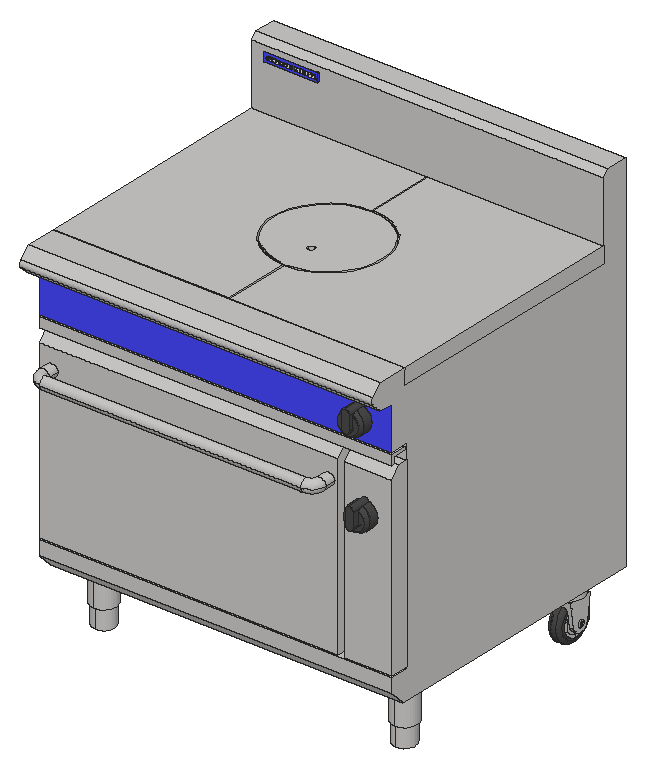
Revit family "QF_MOFFAT_BLUESEAL_CE_G576", category Specialty Equipment, Revit 2012
Parameters
  Width = 900 mm
  Weight in Pounds = 584
  Watts = 130 W
  Volts = 230 V
  URL Cutsheet = "www.moffat.com"
  URL = "www.moffat.com"
  Type Mark [instance] = ""
  Status [instance] = ""
  Specification by User [instance] = ""
  Specification by Manufacturer = ""
  Show Logo [instance] = yes
  Show Clearance [instance] = yes
  Show Casters [instance] = yes
  Serial Number = ""
  Seismic Rating = ""
  SMACNA No = ""
  Revision Code [instance] = ""
  Phase = 1
  Omniclass Number and Title = ""
  Number of Poles [instance] = 1
  NAFEM Spec ID Number = ""
  Model = "G576"
  Min Ckt Ampacity = 0 A
  Mechanical Remarks = ""
  Mechanical Connection Type [instance] = ""
  Max Overcurrent Protection = 0 A
  Masterspec = ""
  Manufacturer = "MOFFAT BLUESEAL"
  Legs [instance] = not(Show Casters)  # no
  Item Number [instance] = ""
  Installed By [instance] = ""
  Identify Quantity as Lot [instance] = yes
  Height = 1085 mm
  HP = ""
  Gas Size = 3/4"
  Gas RI Height [instance] = 0 mm
  Gas KW [instance] = 20.8
  Gas Input [instance] = 71086.0 Btu/h
  Gas Connection Height = 0 mm
  Furnished By [instance] = ""
  Foodservice Equipment Identifier [instance] = yes
  FL Amps = 0.6 A
  Electrical Remarks = ""
  Electric Connection Type = ""
  Elec Conn RI Height = 0 mm
  Elec Conn Connection Height = 0 mm
  Description = "900MM GAS TARGET TOP RANGE WITH CONVECTION OVEN"
  Depth = 812 mm
  Cycle = 50 Hz
  Conn Plug = ""
  Conn Conduit = yes
  CSI MasterFormat = ""
  CSI Master Format = ""
  Apparent Power = 0 VA
Reference planes
  plane 1 "BACK": y = 0
  plane 2: z = 0
  plane 3 "LEFT": x = 0
  plane 4 "RIGHT": x = 900
  plane 5 "FRONT": y = -812
  plane 6 "TOP": z = 970
  plane 7 "Center Y": x = 450
  plane 8 "Center X": y = -406
  plane 9: x = 280
  plane 10: y = -574.272
  plane 11: x = 60
  plane 12: y = -304.972
  plane 13: y = -364.972
  plane 14: x = 74
  plane 15: x = 834.5
  plane 16: y = -32
  plane 17: z = 655
  plane 18: z = 1085
Forms (mm)
  Extrusion 1, solid, material "QF_Finishes_Stainless Steel"
    sketch origin (0, 0, 0) x (0, 1, 0) y (0, 0, 1)
      loop
        line (0, 1085) -> (-57, 1085) -> (-70, 1072) -> (-70, 875) -> (-705, 875) -> (-705, 915) -> (-783.97, 915) -> (-808.503, 890.467)
        arc (-808.503, 890.467) -> (-812.01, 882) -> (-808.503, 873.533) r 11.974
        line (-808.503, 873.533) -> (-784.97, 850) -> (-749, 850) -> (-749, 740) -> (-699, 740) -> (-699, 222.5) -> (-749, 222.5) -> (-749, 186) -> (-713, 150) -> (0, 150) -> (0, 1085)
      loop
        line (-749, 710) -> (-740.224, 710) -> (-742.613, 726.999) -> (-707.93, 726.999) -> (-707.93, 734.003) -> (-749, 734.003) -> (-749, 710)
    from 0 to 900
  Extrusion 2, solid, material "QF_Finishes_Stainless Steel"
    sketch origin (0, 0, 0) x (0, 1, 0) y (0, 0, 1)
      loop
        line (-70, 915) -> (-705, 915) -> (-705, 875) -> (-70, 875) -> (-70, 915)
    from 0 to 900
  Revolve 3, solid, material "QF_Finishes_Black"
    sketch origin (824.351, 45.874, 0) x (0, 1, 0) y (0, 0, 1)
      loop
        line (-827.874, 829.5) -> (-838.874, 823.651) -> (-838.874, 797) -> (-794.874, 797) -> (-794.874, 802) -> (-804.874, 802) -> (-804.874, 829.5) -> (-827.874, 829.5)
      axis (-838.874, 797) -> (-794.874, 797)
    angle from 0 to 360
  Extrusion 4, solid, material "QF_Finishes_Black"
    sketch origin (676.544, 7, 0) x (1, 0, 0) y (0, 0, 1)
      loop
        line (158.3, 789) -> (158.3, 824)
        arc (158.3, 824) -> (148.3, 834) -> (138.3, 824) r 10
        line (138.3, 824) -> (138.3, 789)
        arc (138.3, 789) -> (148.3, 779) -> (158.3, 789) r 10
    from 759 to 808
  Extrusion 5, void
    sketch origin (0, -72.734, 915) x (1, 0, 0) y (0, -1, 0)
      loop
        line (447.967, 173.281) -> (447.967, -2.734) -> (452.2, -2.734) -> (452.2, 173.283)
        arc (452.2, 173.283) -> (592.5, 315.967) -> (451.798, 458.255) r 142.5
        line (451.798, 458.255) -> (451.798, 632.266) -> (447.7, 632.266) -> (447.7, 458.248)
        arc (447.7, 458.248) -> (307.5, 315.632) -> (447.967, 173.281) r 142.5
      loop
        circle (450, 315.766) r 138
      loop
        circle (450, 370.766) r 8.75
    from 0 to 10
  Revolve 6, solid, material "QF_Finishes_Stainless Steel"
    sketch origin (834.5, -696.126, 0) x (0, 1, 0) y (0, 0, -1)
      loop
        line (39.376, -150) -> (71.126, -150) -> (71.126, 0) -> (43.626, 0) -> (43.626, -50) -> (39.376, -50) -> (39.376, -150)
      axis (71.126, -150) -> (71.126, 0)
    angle from 0 to 360
  Revolve 7, solid, material "QF_Finishes_Stainless Steel"
    sketch origin (65.5, -696.126, 0) x (0, 1, 0) y (0, 0, 1)
      loop
        line (39.376, 150) -> (39.376, 50) -> (43.626, 50) -> (43.626, 0) -> (71.126, 0) -> (71.126, 150) -> (39.376, 150)
      axis (71.126, 150) -> (71.126, 0)
    angle from 0 to 360
  Extrusion 8, solid, material "QF_Finishes_Stainless Steel"
    sketch origin (-64.5, 0, 325) x (1, 0, 0) y (0, 1, 0)
      loop
        circle (834.5, -32) r 10
    from 330 to 411.219
  Extrusion 9, solid, material "QF_Finishes_Stainless Steel", visible <- "Show Casters"
    sketch origin (71.501, 133.353, -8.783) x (0, 1, 0) y (0, 0, 1)
      loop
        line (-201.603, 118.783) -> (-265.103, 118.783) -> (-252.746, 53.895)
        arc (-252.746, 53.895) -> (-233.353, 38.783) -> (-213.959, 53.895) r 20
        line (-213.959, 53.895) -> (-201.603, 118.783)
    from -35.667 to 22.923
  Revolve 10, solid, material "QF_Finishes_Stainless Steel", visible <- "Show Casters"
    sketch origin (65, -203, 0) x (0, 1, 0) y (0, 0, 1)
      loop
        line (67.25, 150) -> (67.25, 110) -> (103, 110) -> (103, 150) -> (67.25, 150)
      axis (103, 150) -> (103, 110)
    angle from 0 to 360
  Revolve 11, solid, material "QF_Finishes_Stainless Steel", visible <- "Show Casters"
    sketch origin (834.5, -203, 0) x (0, 1, 0) y (0, 0, -1)
      loop
        line (67.25, -150) -> (103, -150) -> (103, -110) -> (67.25, -110) -> (67.25, -150)
      axis (103, -150) -> (103, -110)
    angle from 0 to 360
  Revolve 12, solid, material "QF_Finishes_Stainless Steel", visible <- "Show Casters"
    sketch origin (785.276, -99.755, -13.653) x (1, 0, 0) y (0, 0, 1)
      loop
        line (14.841, 64.453) -> (83.584, 64.453) -> (83.584, 67.958) -> (82.314, 69.228) -> (80.79, 69.228) -> (80.79, 72.674) -> (68.644, 72.674) -> (68.644, 82.639) -> (65.088, 84.692) -> (63.738, 93.028) -> (65.881, 93.028) -> (65.881, 99.378) -> (65.088, 99.378) -> (65.088, 105.728)
        arc (65.088, 105.728) -> (62.298, 112.463) -> (55.563, 115.253) r 9.525
        line (55.563, 115.253) -> (42.863, 115.253)
        arc (42.863, 115.253) -> (36.127, 112.463) -> (33.338, 105.728) r 9.525
        line (33.338, 105.728) -> (33.338, 99.378) -> (32.544, 99.378) -> (32.544, 93.028) -> (34.687, 93.028) -> (33.352, 84.781) -> (29.782, 82.719) -> (29.782, 72.674) -> (17.635, 72.674) -> (17.635, 69.228) -> (16.111, 69.228) -> (14.841, 67.958) -> (14.841, 64.453)
      axis (14.841, 64.453) -> (83.584, 64.453)
    angle from 0 to 360
  Extrusion 13, solid, material "QF_Finishes_Stainless Steel", visible <- "Show Casters"
    sketch origin (841.001, 133.353, -8.783) x (0, 1, 0) y (0, 0, 1)
      loop
        line (-201.603, 118.783) -> (-265.103, 118.783) -> (-252.746, 53.895)
        arc (-252.746, 53.895) -> (-233.353, 38.783) -> (-213.959, 53.895) r 20
        line (-213.959, 53.895) -> (-201.603, 118.783)
    from -35.667 to 22.923
  Revolve 14, solid, material "QF_Finishes_Stainless Steel", visible <- "Legs"
    sketch origin (65, -165, 0) x (0, 1, 0) y (0, 0, 1)
      loop
        line (33.25, 150) -> (33.25, 50) -> (37.5, 50) -> (37.5, 0) -> (65, 0) -> (65, 150) -> (33.25, 150)
      axis (65, 150) -> (65, 0)
    angle from 0 to 360
  Revolve 15, solid, material "QF_Finishes_Stainless Steel", visible <- "Legs"
    sketch origin (834.5, -165, 0) x (0, 1, 0) y (0, 0, -1)
      loop
        line (33.25, -150) -> (65, -150) -> (65, 0) -> (37.5, 0) -> (37.5, -50) -> (33.25, -50) -> (33.25, -150)
      axis (65, -150) -> (65, 0)
    angle from 0 to 360
  Revolve 16, solid, material "QF_Finishes_Stainless Steel", visible <- "Show Casters"
    sketch origin (114.224, -99.755, -13.653) x (-1, 0, 0) y (0, 0, -1)
      loop
        line (14.841, -64.453) -> (14.841, -67.958) -> (16.111, -69.228) -> (17.635, -69.228) -> (17.635, -72.674) -> (29.782, -72.674) -> (29.782, -82.719) -> (33.352, -84.781) -> (34.687, -93.028) -> (32.544, -93.028) -> (32.544, -99.378) -> (33.338, -99.378) -> (33.338, -105.728)
        arc (33.338, -105.728) -> (36.127, -112.463) -> (42.863, -115.253) r 9.525
        line (42.863, -115.253) -> (55.563, -115.253)
        arc (55.563, -115.253) -> (62.298, -112.463) -> (65.088, -105.728) r 9.525
        line (65.088, -105.728) -> (65.088, -99.378) -> (65.881, -99.378) -> (65.881, -93.028) -> (63.738, -93.028) -> (65.088, -84.692) -> (68.644, -82.639) -> (68.644, -72.674) -> (80.79, -72.674) -> (80.79, -69.228) -> (82.314, -69.228) -> (83.584, -67.958) -> (83.584, -64.453) -> (14.841, -64.453)
      axis (14.841, -64.453) -> (83.584, -64.453)
    angle from 0 to 360
  Extrusion 17, void
    sketch origin (0, 0, 0) x (1, 0, 0) y (0, 1, 0)
      loop
        line (832.738, -87.26) -> (832.738, 30.24) -> (703.238, 30.24) -> (703.238, -38.76) -> (751.738, -87.26) -> (832.738, -87.26)
    from 200 to 736.219
  Extrusion 18, solid, material "QF_Finishes_Stainless Steel"
    sketch origin (723.5, 0, 0) x (0, 1, 0) y (0, 0, 1)
      loop
        line (-699, 700) -> (-725, 700) -> (-749, 676) -> (-749, 227.5) -> (-699, 227.5) -> (-699, 700)
    from 56.898 to 176.5
  Sweep 19, solid, material "QF_Finishes_Stainless Steel"
    path origin (0, -690.875, 633.125) x (0, -1, 0) y (1, 0, 0)
      loop
        line (50, 31.371) -> (86, 31.371)
        arc (86, 31.371) -> (100.142, 37.229) -> (106, 51.371) r 20
        line (106, 51.371) -> (106, 719.041)
        arc (106, 719.041) -> (100.142, 733.183) -> (86, 739.041) r 20
        line (86, 739.041) -> (50, 739.041)
    profile origin (385.206, -796.875, 633.125) x (0, 1, 0) y (0, 0, 1)
      loop
        circle (0, -10) r 15
  Revolve 20, solid, material "QF_Finishes_Black"
    sketch origin (839.351, 38.874, -213.6) x (0, 1, 0) y (0, 0, 1)
      loop
        line (-820.874, 829.5) -> (-831.874, 823.651) -> (-831.874, 797) -> (-787.874, 797) -> (-787.874, 802) -> (-797.874, 802) -> (-797.874, 829.5) -> (-820.874, 829.5)
      axis (-831.874, 797) -> (-787.874, 797)
    angle from 0 to 360
  Extrusion 21, solid, material "QF_Finishes_Black"
    sketch origin (691.544, 0, -213.6) x (1, 0, 0) y (0, 0, 1)
      loop
        line (158.3, 789) -> (158.3, 824)
        arc (158.3, 824) -> (148.3, 834) -> (138.3, 824) r 10
        line (138.3, 824) -> (138.3, 789)
        arc (138.3, 789) -> (148.3, 779) -> (158.3, 789) r 10
    from 759 to 808
  Extrusion 22, solid, material "QF_Door-Drawer Clearances", visible <- "Show Clearance", detail levels coarse
    sketch origin (0, 0, 0) x (0, -1, 0) y (0, 0, 1)
      loop
        line (749, 697.347) -> (749, 227.5) -> (1218.847, 227.5)
        arc (1218.847, 227.5) -> (1081.232, 559.732) -> (749, 697.347) r 469.847
    from 0 to -762.865
  Extrusion 23, solid, material "QF_Finishes_Stainless Steel"
    sketch origin (0, 0, 0) x (0, 1, 0) y (0, 0, 1)
      loop
        line (-699, 700) -> (-725, 700) -> (-749, 676) -> (-749, 227.5) -> (-699, 227.5) -> (-699, 700)
    from 0 to 762.865
  Extrusion 24, solid, material "QF_Finishes_Stainless Steel"
    sketch origin (0, -703.73, 150) x (1, 0, 0) y (0, -1, 0)
      loop
        circle (826, -202.73) r 6.35
    from 0 to 1.6
Cuts and joins
  Extrusion 5, Extrusion 17 cuts Extrusion 1
  Extrusion 5 cuts Extrusion 2
  joined: Extrusion 18, Sweep 19, Extrusion 23
Lines and regions (mm)
  Split face 1
    outline origin (900, 0, 1085) x (-1, 0, 0) y (0, -1, 0)
      loop
        arc (856, 18.185) -> (864.66, 23.185) -> (864.66, 33.185) r 10
        line (864.66, 33.185) -> (860.619, 40.185)
        arc (860.619, 40.185) -> (856.959, 43.846) -> (851.959, 45.185) r 10
        line (851.959, 45.185) -> (624, 45.185)
        arc (624, 45.185) -> (615.34, 40.185) -> (615.34, 30.185) r 10
        line (615.34, 30.185) -> (619.381, 23.185)
        arc (619.381, 23.185) -> (623.041, 19.525) -> (628.041, 18.185) r 10
        line (628.041, 18.185) -> (856, 18.185)
  Split face 2
    outline origin (900, 0, 1085) x (-1, 0, 0) y (0, -1, 0)
      loop
        arc (566, 18.185) -> (574.66, 23.185) -> (574.66, 33.185) r 10
        line (574.66, 33.185) -> (570.619, 40.185)
        arc (570.619, 40.185) -> (566.959, 43.846) -> (561.959, 45.185) r 10
        line (561.959, 45.185) -> (334, 45.185)
        arc (334, 45.185) -> (325.34, 40.185) -> (325.34, 30.185) r 10
        line (325.34, 30.185) -> (329.381, 23.185)
        arc (329.381, 23.185) -> (333.041, 19.525) -> (338.041, 18.185) r 10
        line (338.041, 18.185) -> (566, 18.185)
  Split face 3
    outline origin (900, 0, 1085) x (-1, 0, 0) y (0, -1, 0)
      loop
        arc (276, 18.185) -> (284.66, 23.185) -> (284.66, 33.185) r 10
        line (284.66, 33.185) -> (280.619, 40.185)
        arc (280.619, 40.185) -> (276.959, 43.846) -> (271.959, 45.185) r 10
        line (271.959, 45.185) -> (44, 45.185)
        arc (44, 45.185) -> (35.34, 40.185) -> (35.34, 30.185) r 10
        line (35.34, 30.185) -> (39.381, 23.185)
        arc (39.381, 23.185) -> (43.041, 19.525) -> (48.041, 18.185) r 10
        line (48.041, 18.185) -> (276, 18.185)
  Split face 4
    outline origin (738.5, -749, 714.426) x (0, 0, -1) y (1, 0, 0)
      loop
        circle (241.026, 102.765) r 12
  Split face 5
    outline origin (738.5, -749, 576.576) x (0, 0, -1) y (1, 0, 0)
      loop
        circle (241.026, 102.515) r 10.75
  Split face 6
    outline origin (738.5, -749, 759.426) x (0, 0, -1) y (1, 0, 0)
      loop
        circle (241.026, 102.765) r 7.15
  Split face 7
    outline origin (738.5, -749, 889.426) x (0, 0, -1) y (1, 0, 0)
      loop
        circle (241.026, 102.765) r 7.15
  symbolic lines
    curve 1: line (0, 0, 0) -> (0, -812, 0)
    curve 2: line (900, 0, 0) -> (0, 0, 0)
    curve 3: line (900, -812, 0) -> (900, 0, 0)
    curve 4: line (0, -70, 0) -> (900, -70, 0)
    curve 5: line (900, -812, 0) -> (0, -812, 0)
    curve 6: line (447.967, -72.734, 0) -> (447.967, -246.014, 0)
    curve 7: line (452.2, -246.017, 0) -> (452.2, -72.734, 0)
    curve 8: line (451.798, -705, 0) -> (451.798, -530.989, 0)
    curve 9: line (447.7, -530.981, 0) -> (447.7, -705, 0)
    curve 10: line (900, -72.734, 0) -> (0, -72.734, 0)
    curve 11: line (0, -705, 0) -> (900, -705, 0)
    curve 12: arc (452.2, -246.017, 0) -> (592.5, -388.701, 0) -> (451.798, -530.989, 0) r 142.5
    curve 13: arc (447.7, -530.981, 0) -> (307.5, -388.366, 0) -> (447.967, -246.014, 0) r 142.5
    curve 14: circle (450, -388.5, 0) r 138 normal (0, 0, 1)
    curve 15: arc (458.75, -443.5, 0) -> (450, -452.25, 0) -> (441.25, -443.5, 0) r 8.75
    curve 16: arc (441.25, -443.5, 0) -> (450, -434.75, 0) -> (458.75, -443.5, 0) r 8.75
    curve 17: line (900, -57, 0) -> (0, -57, 0)
    curve 18: line (276, -45.185, 0) -> (48.041, -45.185, 0)
    curve 19: arc (48.041, -45.185, 0) -> (43.041, -43.846, 0) -> (39.381, -40.185, 0) r 10
    curve 20: line (39.381, -40.185, 0) -> (35.34, -33.185, 0)
    curve 21: arc (35.34, -33.185, 0) -> (35.34, -23.185, 0) -> (44, -18.185, 0) r 10
    curve 22: line (44, -18.185, 0) -> (271.959, -18.185, 0)
    curve 23: arc (271.959, -18.185, 0) -> (276.959, -19.525, 0) -> (280.619, -23.185, 0) r 10
    curve 24: line (280.619, -23.185, 0) -> (284.66, -30.185, 0)
    curve 25: arc (284.66, -30.185, 0) -> (284.66, -40.185, 0) -> (276, -45.185, 0) r 10
    curve 26: line (566, -45.185, 0) -> (338.041, -45.185, 0)
    curve 27: arc (338.041, -45.185, 0) -> (333.041, -43.846, 0) -> (329.381, -40.185, 0) r 10
    curve 28: line (329.381, -40.185, 0) -> (325.34, -33.185, 0)
    curve 29: arc (325.34, -33.185, 0) -> (325.34, -23.185, 0) -> (334, -18.185, 0) r 10
    curve 30: line (334, -18.185, 0) -> (561.959, -18.185, 0)
    curve 31: arc (561.959, -18.185, 0) -> (566.959, -19.525, 0) -> (570.619, -23.185, 0) r 10
    curve 32: line (570.619, -23.185, 0) -> (574.66, -30.185, 0)
    curve 33: arc (574.66, -30.185, 0) -> (574.66, -40.185, 0) -> (566, -45.185, 0) r 10
    curve 34: line (856, -45.185, 0) -> (628.041, -45.185, 0)
    curve 35: arc (628.041, -45.185, 0) -> (623.041, -43.846, 0) -> (619.381, -40.185, 0) r 10
    curve 36: line (619.381, -40.185, 0) -> (615.34, -33.185, 0)
    curve 37: arc (615.34, -33.185, 0) -> (615.34, -23.185, 0) -> (624, -18.185, 0) r 10
    curve 38: line (624, -18.185, 0) -> (851.959, -18.185, 0)
    curve 39: arc (851.959, -18.185, 0) -> (856.959, -19.525, 0) -> (860.619, -23.185, 0) r 10
    curve 40: line (860.619, -23.185, 0) -> (864.66, -30.185, 0)
    curve 41: arc (864.66, -30.185, 0) -> (864.66, -40.185, 0) -> (856, -45.185, 0) r 10
    curve 42: line (0, -783.97, 0) -> (900, -783.97, 0)
  symbolic lines, style "QF_Door-Drawer Clearances"
    curve 43: line (0, -1218.847, 0) -> (0, -812, 0)
    curve 44: line (762.865, -812, 0) -> (762.865, -1218.847, 0)
    curve 45: line (762.865, -1218.847, 0) -> (0, -1218.847, 0)
Dimensions and locks
  equal spacing: plane 3 "LEFT", plane 7 "Center Y", plane 4 "RIGHT"
  "Width": plane 3 "LEFT" to plane 4 "RIGHT"
  equal spacing: plane 5 "FRONT", plane 8 "Center X", plane 1 "BACK"
  "Depth": plane 5 "FRONT" to plane 1 "BACK"
  equal spacing: plane 4 "RIGHT", plane 7 "Center Y", plane 3 "LEFT"
  plane 4 "RIGHT" to plane 3 "LEFT" = 900 mm
  plane 5 "FRONT" to plane 1 "BACK" = 812 mm
  plane 10 to plane 1 "BACK" = 574.272 mm
  plane 12 to plane 1 "BACK" = 304.972 mm  (x2)
  plane 11 to plane 3 "LEFT" = 60 mm
  plane 14 to plane 3 "LEFT" = 74 mm
  plane 9 to plane 3 "LEFT" = 280 mm
  plane 6 "TOP" to plane 2 = 970 mm
  plane 17 to level = 655 mm
  Revolve 12 sketch curve to Revolve 12 sketch curve = 50.8 mm
  Revolve 16 sketch curve to Revolve 16 sketch curve = 50.8 mm
  plane 18 to level = 1085 mm  (x2)
  Extrusion 24 sketch curve to plane 4 "RIGHT" = 74 mm
  Extrusion 24 sketch curve to plane 1 "BACK" = 501 mm
  aligned and locked: level to plane 2
  aligned and locked: curve 3 to plane 4 "RIGHT"
  aligned and locked: Extrusion 1 to Extrusion 2  (x2)
Automatic sketch dimensions
  curve 12 to curve 13 = 0 mm  (x2)
  curve 12 to curve 14 = 0 mm  (x2)
  curve 13 to curve 14 = 0 mm  (x2)
  curve 15 to curve 16 = 0 mm  (x2)
  plane 1 "BACK" to curve 1 = 0 mm
  curve 1 to plane 3 "LEFT" = 0 mm
  curve 15 to plane 7 "Center Y" = 0 mm
  curve 12 to plane 7 "Center Y" = 0 mm
  plane 5 "FRONT" to curve 44 = 0 mm
  curve 20 to plane 16 = 1.185 mm
  curve 20 to plane 11 = 24.66 mm
  curve 21 to curve 19 = 4.041 mm
  curve 21 to plane 11 = 16 mm
  curve 19 to curve 19 = 8.66 mm
  curve 23 to plane 9 = 8.041 mm
  curve 25 to plane 9 = 4 mm
  plane 9 to curve 23 = 0.619 mm
  plane 16 to curve 25 = 1.815 mm
  plane 9 to curve 25 = 4.66 mm
  curve 29 to plane 16 = 1.185 mm
  curve 24 to curve 29 = 40.679 mm
  curve 29 to curve 27 = 4.041 mm
  plane 16 to curve 29 = 3.815 mm
  curve 28 to curve 29 = 8.66 mm
  curve 27 to curve 27 = 8.66 mm
  curve 15 to plane 7 "Center Y" = 8.75 mm
  curve 9 to plane 7 "Center Y" = 2.3 mm
  curve 6 to plane 7 "Center Y" = 2.033 mm
  plane 7 "Center Y" to curve 12 = 1.798 mm
  plane 7 "Center Y" to curve 7 = 2.2 mm
  plane 7 "Center Y" to curve 31 = 111.959 mm
  curve 31 to curve 33 = 4.041 mm
  curve 30 to curve 31 = 8.66 mm
  plane 16 to curve 33 = 1.815 mm
  curve 32 to curve 33 = 4.041 mm
  curve 37 to plane 16 = 1.185 mm
  curve 32 to curve 37 = 40.679 mm
  curve 37 to curve 35 = 4.041 mm  (x2)
  curve 36 to curve 38 = 8.66 mm
  curve 35 to plane 16 = 3.185 mm
  curve 44 to plane 15 = 71.635 mm
  plane 15 to curve 39 = 17.459 mm
  curve 39 to curve 41 = 4.041 mm  (x2)
  plane 16 to curve 40 = 8.815 mm
  curve 39 to curve 40 = 8.66 mm
  plane 16 to curve 41 = 1.815 mm
  plane 5 "FRONT" to curve 44 = 406.847 mm
  curve 42 to plane 5 "FRONT" = 28.03 mm
  curve 42 to curve 11 = 78.97 mm
  plane 10 to curve 8 = 43.284 mm
  curve 12 to curve 13 = 0.007 mm
  curve 16 to plane 8 "Center X" = 37.5 mm
  plane 8 "Center X" to curve 12 = 17.5 mm
  curve 10 to plane 16 = 40.734 mm
  curve 10 to curve 4 = 2.734 mm
  curve 4 to curve 17 = 13 mm
  curve 26 to plane 16 = 13.185 mm
  curve 19 to plane 16 = 13.185 mm
  curve 34 to plane 16 = 13.185 mm
  curve 28 to curve 29 = 7 mm
  curve 19 to curve 21 = 7 mm
  plane 16 to curve 31 = 3.815 mm
  plane 16 to curve 37 = 3.815 mm
  plane 16 to curve 21 = 3.815 mm
  plane 16 to curve 23 = 3.815 mm
  plane 18 to Extrusion 1 sketch curve = 0 mm
  Extrusion 1 sketch curve to plane 1 "BACK" = 0 mm
  Extrusion 1 sketch curve to plane 16 = 25 mm
  plane 18 to Extrusion 1 sketch curve = 13 mm
  Extrusion 1 sketch curve to Extrusion 1 sketch curve = 13 mm
  Extrusion 1 sketch curve to plane 5 "FRONT" = 113 mm
  Extrusion 1 sketch curve to plane 5 "FRONT" = 107 mm
  Extrusion 1 sketch curve to Extrusion 1 sketch curve = 8.93 mm
  Extrusion 1 sketch curve to Extrusion 1 sketch curve = 14 mm
  Extrusion 1 sketch curve to Extrusion 1 sketch curve = 32.294 mm
  Extrusion 1 sketch curve to Extrusion 1 sketch curve = 2.389 mm
  Extrusion 1 sketch curve to Extrusion 1 sketch curve = 8.776 mm
  Extrusion 1 sketch curve to Extrusion 1 sketch curve = 44 mm
  Extrusion 1 sketch curve to Extrusion 1 sketch curve = 50 mm
  Extrusion 1 sketch curve to plane 5 "FRONT" = 28.03 mm
  Extrusion 1 sketch curve to plane 5 "FRONT" = 27.03 mm
  Extrusion 1 sketch curve to plane 5 "FRONT" = 11.964 mm
  Extrusion 1 sketch curve to plane 5 "FRONT" = 3.497 mm  (x2)
  Extrusion 1 sketch curve to plane 6 "TOP" = 55 mm
  Extrusion 1 sketch curve to Extrusion 1 sketch curve = 24.533 mm
  Extrusion 1 sketch curve to Extrusion 1 sketch curve = 8.467 mm
  Extrusion 1 sketch curve to Extrusion 1 sketch curve = 40 mm
  Extrusion 1 sketch curve to Extrusion 1 sketch curve = 23.533 mm
  plane 17 to Extrusion 1 sketch curve = 85 mm
  Extrusion 1 sketch curve to Extrusion 1 sketch curve = 5.997 mm
  Extrusion 1 sketch curve to Extrusion 1 sketch curve = 7.004 mm
  Extrusion 1 sketch curve to Extrusion 1 sketch curve = 16.999 mm
  level to Extrusion 1 sketch curve = 222.5 mm
  Extrusion 1 sketch curve to Extrusion 1 sketch curve = 36.5 mm
  level to Extrusion 1 sketch curve = 150 mm
  Extrusion 2 sketch curve to plane 5 "FRONT" = 107 mm
  Extrusion 2 sketch curve to plane 16 = 38 mm
  Extrusion 2 sketch curve to plane 6 "TOP" = 95 mm
  Extrusion 2 sketch curve to Extrusion 2 sketch curve = 40 mm
  Revolve 3 sketch curve to plane 5 "FRONT" = 19 mm
  Revolve 3 sketch curve to Revolve 3 sketch curve = 0 mm  (x2)
  Revolve 3 sketch curve to Revolve 3 sketch curve = 11 mm
  Revolve 3 sketch curve to Revolve 3 sketch curve = 12.7 mm
  Revolve 3 sketch curve to Revolve 3 sketch curve = 23 mm
  Revolve 3 sketch curve to Revolve 3 sketch curve = 10 mm
  plane 17 to Revolve 3 sketch curve = 142 mm
  Revolve 3 sketch curve to Revolve 3 sketch curve = 5 mm
  Revolve 3 sketch curve to Revolve 3 sketch curve = 26.651 mm
  Revolve 3 sketch curve to Revolve 3 sketch curve = 5.849 mm
  Extrusion 4 sketch curve to plane 15 = 19.656 mm
  Extrusion 4 sketch curve to plane 15 = 9.656 mm
  plane 17 to Extrusion 4 sketch curve = 134 mm
  Extrusion 4 sketch curve to Extrusion 4 sketch curve = 35 mm
  Extrusion 5 sketch curve to Extrusion 5 sketch curve = 0 mm  (x13)
  Extrusion 5 sketch curve to Extrusion 2 = 0 mm
  Extrusion 2 to Extrusion 5 sketch curve = 0 mm
  Extrusion 2 to Extrusion 5 sketch curve = 447.7 mm
  Extrusion 2 to Extrusion 5 sketch curve = 447.967 mm
  Extrusion 5 sketch curve to Extrusion 5 sketch curve = 2.3 mm
  Extrusion 5 sketch curve to Extrusion 5 sketch curve = 4.098 mm
  Extrusion 5 sketch curve to Extrusion 5 sketch curve = 4.232 mm
  Extrusion 2 to Extrusion 5 sketch curve = 174.011 mm
  Extrusion 5 sketch curve to Extrusion 5 sketch curve = 0.007 mm
  Extrusion 5 sketch curve to Extrusion 5 sketch curve = 4.489 mm
  Extrusion 5 sketch curve to Extrusion 5 sketch curve = 83 mm
  Extrusion 5 sketch curve to Extrusion 5 sketch curve = 55 mm
  Revolve 6 sketch curve to level = 0 mm
  Revolve 6 sketch curve to plane 10 = 82.478 mm
  Revolve 6 sketch curve to Revolve 6 sketch curve = 4.25 mm
  Revolve 6 sketch curve to Revolve 6 sketch curve = 27.5 mm  (x2)
  level to Revolve 6 sketch curve = 50 mm
  Revolve 6 sketch curve to Revolve 6 sketch curve = 0 mm
  Revolve 6 sketch curve to Revolve 6 sketch curve = 100 mm
  Revolve 6 sketch curve to Revolve 6 sketch curve = 55 mm
  Revolve 7 sketch curve to level = 0 mm
  Revolve 7 sketch curve to plane 10 = 82.478 mm
  Revolve 7 sketch curve to Revolve 7 sketch curve = 4.25 mm
  Revolve 7 sketch curve to Revolve 7 sketch curve = 27.5 mm  (x2)
  Revolve 7 sketch curve to level = 55 mm
  Revolve 7 sketch curve to Revolve 7 sketch curve = 50 mm
  Revolve 7 sketch curve to Revolve 7 sketch curve = 0 mm
  Revolve 7 sketch curve to Revolve 7 sketch curve = 100 mm
  Extrusion 8 sketch curve to plane 16 = 0 mm
  Extrusion 8 sketch curve to plane 15 = 64.5 mm
  cut or joined group of Extrusion 1, Extrusion 5, Extrusion 17 to Split face 1 sketch curve = 26.815 mm
  Split face 1 sketch curve to cut or joined group of Extrusion 1, Extrusion 5, Extrusion 17 = 284.66 mm
  Split face 1 sketch curve to Split face 1 sketch curve = 4.041 mm  (x4)
  Split face 1 sketch curve to Split face 1 sketch curve = 8.66 mm  (x2)
  cut or joined group of Extrusion 1, Extrusion 5, Extrusion 17 to Split face 1 sketch curve = 11.815 mm
  Split face 1 sketch curve to cut or joined group of Extrusion 1, Extrusion 5, Extrusion 17 = 48.041 mm
  Split face 1 sketch curve to Split face 1 sketch curve = 7 mm  (x3)
  Split face 1 sketch curve to Split face 1 sketch curve = 17 mm
  cut or joined group of Extrusion 1, Extrusion 5, Extrusion 17 to Split face 2 sketch curve = 26.815 mm
  Split face 2 sketch curve to cut or joined group of Extrusion 1, Extrusion 5, Extrusion 17 = 325.34 mm
  Split face 2 sketch curve to Split face 2 sketch curve = 4.041 mm  (x4)
  Split face 2 sketch curve to Split face 2 sketch curve = 8.66 mm  (x2)
  cut or joined group of Extrusion 1, Extrusion 5, Extrusion 17 to Split face 2 sketch curve = 11.815 mm
  Split face 2 sketch curve to Split face 2 sketch curve = 223.917 mm
  Split face 2 sketch curve to Split face 2 sketch curve = 7 mm  (x3)
  Split face 2 sketch curve to Split face 2 sketch curve = 17 mm
  Split face 3 sketch curve to cut or joined group of Extrusion 1, Extrusion 5, Extrusion 17 = 35.34 mm
  Split face 3 sketch curve to Split face 3 sketch curve = 4.041 mm  (x4)
  Split face 3 sketch curve to Split face 3 sketch curve = 8.66 mm  (x2)
  cut or joined group of Extrusion 1, Extrusion 5, Extrusion 17 to Split face 3 sketch curve = 11.815 mm
  Split face 3 sketch curve to Split face 3 sketch curve = 223.917 mm
  Split face 3 sketch curve to Split face 3 sketch curve = 5 mm
  Split face 3 sketch curve to Split face 3 sketch curve = 10 mm
  Split face 3 sketch curve to Split face 3 sketch curve = 7 mm  (x3)
  Extrusion 9 sketch curve to plane 16 = 99.75 mm
  Extrusion 9 sketch curve to Extrusion 9 sketch curve = 12.357 mm
  Extrusion 9 sketch curve to Extrusion 9 sketch curve = 19.393 mm  (x2)
  level to Extrusion 9 sketch curve = 45.111 mm
  Extrusion 9 sketch curve to plane 16 = 36.25 mm
  Extrusion 9 sketch curve to Extrusion 9 sketch curve = 4.889 mm
  Extrusion 9 sketch curve to Extrusion 9 sketch curve = 64.889 mm
  Revolve 10 sketch curve to plane 16 = 103.75 mm
  Revolve 10 sketch curve to plane 16 = 68 mm
  Revolve 10 sketch curve to Revolve 10 sketch curve = 35.75 mm
  Revolve 10 sketch curve to level = 55 mm
  level to Revolve 10 sketch curve = 50 mm
  Revolve 10 sketch curve to Revolve 10 sketch curve = 60 mm
  Revolve 10 sketch curve to Revolve 10 sketch curve = 40 mm
  Revolve 11 sketch curve to plane 16 = 103.75 mm
  Revolve 11 sketch curve to plane 16 = 68 mm
  Revolve 11 sketch curve to Revolve 11 sketch curve = 35.75 mm
  level to Revolve 11 sketch curve = 150 mm
  Revolve 11 sketch curve to Revolve 11 sketch curve = 40 mm
  level to Revolve 11 sketch curve = 50 mm
  Revolve 11 sketch curve to level = 55 mm
  Revolve 12 sketch curve to plane 15 = 34.382 mm
  Revolve 12 sketch curve to Revolve 12 sketch curve = 1.27 mm  (x4)
  Revolve 12 sketch curve to Revolve 12 sketch curve = 1.524 mm  (x2)
  Revolve 12 sketch curve to Revolve 12 sketch curve = 12.146 mm  (x2)
  Revolve 12 sketch curve to plane 15 = 16.68 mm
  Revolve 12 sketch curve to Revolve 12 sketch curve = 0.794 mm  (x2)
  Revolve 12 sketch curve to Revolve 12 sketch curve = 3.57 mm
  Revolve 12 sketch curve to Revolve 12 sketch curve = 2.143 mm
  Revolve 12 sketch curve to plane 15 = 6.361 mm
  plane 15 to Revolve 12 sketch curve = 5.13 mm
  plane 15 to Revolve 12 sketch curve = 6.339 mm
  plane 15 to Revolve 12 sketch curve = 14.515 mm
  Revolve 12 sketch curve to Revolve 12 sketch curve = 1.349 mm  (x2)
  Revolve 12 sketch curve to Revolve 12 sketch curve = 3.556 mm
  Revolve 12 sketch curve to plane 4 "RIGHT" = 2.18 mm
  level to Revolve 12 sketch curve = 50.8 mm
  Revolve 12 sketch curve to Revolve 12 sketch curve = 0 mm
  Revolve 12 sketch curve to Revolve 12 sketch curve = 3.505 mm  (x2)
  Revolve 12 sketch curve to Revolve 12 sketch curve = 3.447 mm  (x2)
  Revolve 12 sketch curve to Revolve 12 sketch curve = 9.964 mm
  Revolve 12 sketch curve to Revolve 12 sketch curve = 10.045 mm
  Revolve 12 sketch curve to Revolve 12 sketch curve = 2.053 mm
  Revolve 12 sketch curve to Revolve 12 sketch curve = 2.061 mm
  Revolve 12 sketch curve to Revolve 12 sketch curve = 8.247 mm
  Revolve 12 sketch curve to Revolve 12 sketch curve = 8.336 mm
  Revolve 12 sketch curve to Revolve 12 sketch curve = 6.35 mm  (x2)
  Extrusion 13 sketch curve to plane 16 = 99.75 mm
  Extrusion 13 sketch curve to Extrusion 13 sketch curve = 12.357 mm
  Extrusion 13 sketch curve to Extrusion 13 sketch curve = 19.393 mm  (x2)
  level to Extrusion 13 sketch curve = 45.111 mm
  Extrusion 13 sketch curve to plane 16 = 36.25 mm
  Extrusion 13 sketch curve to Extrusion 13 sketch curve = 4.889 mm
  Extrusion 13 sketch curve to Extrusion 13 sketch curve = 64.889 mm
  Revolve 14 sketch curve to level = 0 mm
  Revolve 14 sketch curve to plane 16 = 99.75 mm
  Revolve 14 sketch curve to Revolve 14 sketch curve = 4.25 mm
  Revolve 14 sketch curve to Revolve 14 sketch curve = 27.5 mm  (x2)
  Revolve 14 sketch curve to level = 55 mm
  Revolve 14 sketch curve to Revolve 14 sketch curve = 50 mm
  Revolve 14 sketch curve to Revolve 14 sketch curve = 0 mm
  Revolve 14 sketch curve to Revolve 14 sketch curve = 100 mm
  Revolve 15 sketch curve to level = 0 mm
  Revolve 15 sketch curve to plane 16 = 99.75 mm
  Revolve 15 sketch curve to Revolve 15 sketch curve = 4.25 mm
  Revolve 15 sketch curve to Revolve 15 sketch curve = 27.5 mm  (x2)
  level to Revolve 15 sketch curve = 50 mm
  Revolve 15 sketch curve to Revolve 15 sketch curve = 0 mm
  Revolve 15 sketch curve to Revolve 15 sketch curve = 100 mm
  Revolve 15 sketch curve to Revolve 15 sketch curve = 55 mm
  plane 14 to Revolve 16 sketch curve = 25.382 mm
  Revolve 16 sketch curve to Revolve 16 sketch curve = 1.27 mm  (x4)
  Revolve 16 sketch curve to Revolve 16 sketch curve = 1.524 mm  (x2)
  plane 14 to Revolve 16 sketch curve = 10.442 mm
  plane 14 to Revolve 16 sketch curve = 7.68 mm
  Revolve 16 sketch curve to Revolve 16 sketch curve = 0.794 mm  (x2)
  Revolve 16 sketch curve to Revolve 16 sketch curve = 3.57 mm
  Revolve 16 sketch curve to Revolve 16 sketch curve = 2.143 mm
  Revolve 16 sketch curve to plane 14 = 2.639 mm
  Revolve 16 sketch curve to plane 11 = 0.13 mm
  Revolve 16 sketch curve to plane 11 = 1.339 mm
  Revolve 16 sketch curve to plane 11 = 9.515 mm
  Revolve 16 sketch curve to Revolve 16 sketch curve = 1.349 mm  (x2)
  Revolve 16 sketch curve to Revolve 16 sketch curve = 3.556 mm
  Revolve 16 sketch curve to Revolve 16 sketch curve = 12.146 mm
  Revolve 16 sketch curve to plane 3 "LEFT" = 2.68 mm
  level to Revolve 16 sketch curve = 101.6 mm
  Revolve 16 sketch curve to Revolve 16 sketch curve = 6.35 mm  (x4)
  Revolve 16 sketch curve to Revolve 16 sketch curve = 8.247 mm
  Revolve 16 sketch curve to Revolve 16 sketch curve = 8.336 mm
  Revolve 16 sketch curve to Revolve 16 sketch curve = 2.061 mm
  Revolve 16 sketch curve to Revolve 16 sketch curve = 2.053 mm
  Revolve 16 sketch curve to Revolve 16 sketch curve = 10.045 mm
  Revolve 16 sketch curve to Revolve 16 sketch curve = 9.964 mm
  Revolve 16 sketch curve to Revolve 16 sketch curve = 3.447 mm  (x2)
  Revolve 16 sketch curve to Revolve 16 sketch curve = 3.505 mm
  Extrusion 17 sketch curve to plane 1 "BACK" = 30.24 mm
  Extrusion 17 sketch curve to plane 15 = 131.262 mm
  Extrusion 17 sketch curve to Extrusion 17 sketch curve = 48.5 mm
  Extrusion 17 sketch curve to plane 15 = 1.762 mm
  Extrusion 17 sketch curve to plane 16 = 6.76 mm
  Extrusion 17 sketch curve to plane 16 = 55.26 mm
  Extrusion 18 sketch curve to plane 5 "FRONT" = 63 mm
  Extrusion 18 sketch curve to Extrusion 18 sketch curve = 24 mm
  Extrusion 18 sketch curve to Extrusion 18 sketch curve = 50 mm
  level to Extrusion 18 sketch curve = 227.5 mm
  plane 17 to Extrusion 18 sketch curve = 21 mm
  plane 17 to Extrusion 18 sketch curve = 45 mm
  Sweep 19 sketch curve to plane 5 "FRONT" = 71.125 mm  (x2)
  Sweep 19 sketch curve to plane 11 = 28.629 mm
  Sweep 19 sketch curve to plane 5 "FRONT" = 35.125 mm  (x2)
  Sweep 19 sketch curve to plane 5 "FRONT" = 15.125 mm
  Sweep 19 sketch curve to plane 15 = 115.459 mm
  Sweep 19 sketch curve to profile plane = 0 mm
  Sweep 19 sketch curve to profile plane = 10 mm
  Split face 4 sketch curve to Extrusion 18 = 58.735 mm
  Split face 4 sketch curve to Extrusion 18 = 202.6 mm
  Revolve 20 sketch curve to plane 5 "FRONT" = 19 mm
  Revolve 20 sketch curve to Revolve 20 sketch curve = 0 mm  (x2)
  Revolve 20 sketch curve to Revolve 20 sketch curve = 11 mm
  Revolve 20 sketch curve to Revolve 20 sketch curve = 12.7 mm
  Revolve 20 sketch curve to Revolve 20 sketch curve = 23 mm
  Revolve 20 sketch curve to Revolve 20 sketch curve = 10 mm
  Revolve 20 sketch curve to Revolve 20 sketch curve = 5.849 mm
  Extrusion 21 sketch curve to plane 15 = 4.656 mm
  plane 15 to Extrusion 21 sketch curve = 5.344 mm
  Extrusion 22 sketch curve to plane 5 "FRONT" = 63 mm
  level to Extrusion 22 sketch curve = 227.5 mm
  plane 5 "FRONT" to Extrusion 22 sketch curve = 406.847 mm
  Extrusion 23 sketch curve to plane 5 "FRONT" = 63 mm
  Extrusion 23 sketch curve to Extrusion 23 sketch curve = 24 mm
  Extrusion 23 sketch curve to Extrusion 23 sketch curve = 50 mm
  level to Extrusion 23 sketch curve = 227.5 mm
  plane 17 to Extrusion 23 sketch curve = 21 mm
  plane 17 to Extrusion 23 sketch curve = 45 mm
  Split face 5 sketch curve to Extrusion 18 = 108.05 mm
  Split face 5 sketch curve to Extrusion 18 = 58.985 mm
  Split face 6 sketch curve to Extrusion 18 = 58.735 mm
  Split face 6 sketch curve to Extrusion 18 = 157.6 mm
  Split face 7 sketch curve to Extrusion 18 = 27.6 mm
  Split face 7 sketch curve to Extrusion 18 = 58.735 mm
  Revolve 20 sketch curve to plane 17 = 71.6 mm
  Revolve 20 sketch curve to Revolve 20 sketch curve = 5 mm
  Revolve 20 sketch curve to Revolve 20 sketch curve = 26.651 mm
  Extrusion 21 sketch curve to plane 17 = 79.6 mm
  Extrusion 21 sketch curve to Extrusion 21 sketch curve = 35 mm
  radius of curve 14 = 138 mm
  radius of Extrusion 5 sketch curve = 8.75 mm
  radius of Extrusion 8 sketch curve = 10 mm
  radius of Sweep 19 sketch curve = 15 mm
  radius of Split face 4 sketch curve = 12 mm
  radius of Split face 5 sketch curve = 10.75 mm
  radius of Split face 6 sketch curve = 7.15 mm
  radius of Split face 7 sketch curve = 7.15 mm
  radius of Extrusion 24 sketch curve = 6.35 mm
Nested families
  nested 1: "WALDORF LOGO_FACE BASE" at (32, -70, 1055.959) x (1, 0, 0) z (0, -1, 0), visible <- "Show Logo", type "WALDORF LOGO_FACE BASE", detail levels medium+fine
    with Show Logo yes
Connectors
  piping at (770, -32, 655)
    settings: on Extrusion 8, index 4, connector radius 0.37402", flow factor 0, pipe flow 0 GPM, pressure drop 0.00 psi, fitting loss kfactor 0, connector angle 0.00°, fixture units 0, engagement length 0 mm, flow configuration 1, flow direction 1, fitting loss method 0, system type 7, joint type 0, gender type 0, connector reference index -1, connector utility 0, adjustable connector no, is connector primary yes, fitting loss table "", connector description "GAS CONNECTION"
  electrical at (826, -501, 148.4), driven by "Volts", driven by "Watts"
    settings: on Extrusion 24, index 5, voltage 230 V, apparent load 130 VA, apparent load phase1 0 VA, apparent load phase2 0 VA, apparent load phase3 0 VA, power factor 1, load classification "Other", number of poles 1, system type 30, power factor state 1, is connector primary yes, connector utility no, sub classification motor no, connector description "ELECTRICAL CONNECTION"
Definition of nested family "WALDORF LOGO_FACE BASE"
  Parameters (values of type "WALDORF LOGO_FACE BASE")
    Show Logo [instance] = yes
    Default Elevation = 1219.2 mm
  Reference planes
    plane 1 "Center (Front/Back)": y = 0
    plane 2: z = 0
    plane 3 "Center (Left/Right)": x = 0
  Forms (mm)
    Extrusion 1, solid
      sketch origin (0, 0, 0) x (1, 0, 0) y (0, 1, 0)
        loop
          line (-1219.2, 1219.2) -> (-1219.2, -1219.2) -> (1219.2, -1219.2) -> (1219.2, 1219.2) -> (-1219.2, 1219.2)
      from 0 to -304.8
    Extrusion 2, solid, material "QF_Finishes_Blue", visible <- "Show Logo"
      sketch origin (0, -33.217, 0) x (1, 0, 0) y (0, 1, 0)
        loop
          arc (138, 31.942) -> (137.626, 32.844) -> (136.724, 33.217) r 1.276
          line (136.724, 33.217) -> (1.29, 33.217)
          arc (1.29, 33.217) -> (0.378, 32.839) -> (0, 31.927) r 1.29
          line (0, 31.927) -> (0, 11.507)
          arc (0, 11.507) -> (0.378, 10.595) -> (1.29, 10.217) r 1.29
          line (1.29, 10.217) -> (136.71, 10.217)
          arc (136.71, 10.217) -> (137.622, 10.595) -> (138, 11.507) r 1.29
          line (138, 11.507) -> (138, 31.942)
      from 0 to 1.588
    Extrusion 3, solid, material "QF_Finishes_White", visible <- "Show Logo"
      sketch origin (0, -33.217, 1.588) x (1, 0, 0) y (0, 1, 0)
        loop
          arc (108.946, 25.919) -> (107.613, 25.367) -> (107.061, 24.034) r 1.885
          line (107.061, 24.034) -> (107.061, 17.211) -> (112.704, 17.211) -> (112.704, 19.129) -> (115.546, 19.129) -> (115.546, 17.211) -> (121.584, 17.211) -> (121.584, 24.075)
          arc (121.584, 24.075) -> (121.043, 25.379) -> (119.739, 25.919) r 1.845
          line (119.739, 25.919) -> (108.946, 25.919)
        loop
          line (123.478, 25.919) -> (123.478, 17.163) -> (134.904, 17.163) -> (134.904, 19.129) -> (129.246, 19.129) -> (129.246, 25.919) -> (123.478, 25.919)
        loop
          line (112.704, 21.258) -> (115.546, 21.258) -> (115.546, 22.702)
          arc (115.546, 22.702) -> (115.344, 23.188) -> (114.858, 23.389) r 0.687
          line (114.858, 23.389) -> (113.363, 23.389)
          arc (113.363, 23.389) -> (112.897, 23.196) -> (112.704, 22.73) r 0.658
          line (112.704, 22.73) -> (112.704, 21.258)
        loop
          line (105.071, 25.919) -> (93.771, 25.919) -> (93.771, 17.163) -> (105.071, 17.163) -> (105.071, 19.063) -> (99.535, 19.063) -> (99.535, 20.437) -> (105.071, 20.437) -> (105.071, 22.278) -> (99.535, 22.278) -> (99.535, 23.587) -> (105.071, 23.587) -> (105.071, 25.919)
        loop
          line (91.104, 25.919) -> (79.541, 25.919)
          arc (79.541, 25.919) -> (78.558, 25.513) -> (78.152, 24.53) r 1.389
          line (78.152, 24.53) -> (78.152, 22.08)
          arc (78.152, 22.08) -> (78.558, 21.098) -> (79.541, 20.691) r 1.389
          line (79.541, 20.691) -> (86.346, 20.691) -> (86.346, 18.864) -> (83.266, 18.864) -> (83.266, 19.664) -> (78.152, 19.664) -> (78.152, 18.553)
          arc (78.152, 18.553) -> (78.558, 17.57) -> (79.541, 17.163) r 1.389
          line (79.541, 17.163) -> (91.063, 17.163)
          arc (91.063, 17.163) -> (92.045, 17.57) -> (92.452, 18.553) r 1.389
          line (92.452, 18.553) -> (92.452, 20.691)
          arc (92.452, 20.691) -> (92.045, 21.673) -> (91.063, 22.08) r 1.389
          line (91.063, 22.08) -> (83.266, 22.08) -> (83.266, 23.984) -> (86.346, 23.984) -> (86.346, 22.743) -> (92.452, 22.743) -> (92.452, 24.571)
          arc (92.452, 24.571) -> (92.057, 25.524) -> (91.104, 25.919) r 1.348
        loop
          line (70.705, 25.919) -> (59.405, 25.919) -> (59.405, 17.163) -> (70.705, 17.163) -> (70.705, 19.063) -> (65.169, 19.063) -> (65.169, 20.437) -> (70.705, 20.437) -> (70.705, 22.278) -> (65.169, 22.278) -> (65.169, 23.587) -> (70.705, 23.587) -> (70.705, 25.919)
        loop
          line (57.598, 25.919) -> (51.7, 25.919) -> (51.7, 20.18)
          arc (51.7, 20.18) -> (50.63, 19.11) -> (49.56, 20.18) r 1.07
          line (49.56, 20.18) -> (49.56, 25.919) -> (43.663, 25.919) -> (43.663, 19.049)
          arc (43.663, 19.049) -> (44.215, 17.716) -> (45.548, 17.163) r 1.885
          line (45.548, 17.163) -> (55.71, 17.163)
          arc (55.71, 17.163) -> (57.045, 17.716) -> (57.598, 19.051) r 1.887
          line (57.598, 19.051) -> (57.598, 25.919)
        loop
          line (31.62, 25.919) -> (31.62, 17.163) -> (43.046, 17.163) -> (43.046, 19.129) -> (37.388, 19.129) -> (37.388, 25.919) -> (31.62, 25.919)
        loop
          line (15.969, 25.919) -> (15.969, 17.163) -> (28.693, 17.163)
          arc (28.693, 17.163) -> (29.812, 17.627) -> (30.276, 18.746) r 1.582
          line (30.276, 18.746) -> (30.276, 20.447) -> (29.48, 21.243) -> (30.276, 22.039) -> (30.276, 24.332)
          arc (30.276, 24.332) -> (29.811, 25.454) -> (28.688, 25.919) r 1.587
          line (28.688, 25.919) -> (15.969, 25.919)
        loop
          line (21.449, 24.159) -> (21.449, 22.436) -> (23.862, 22.436)
          arc (23.862, 22.436) -> (24.723, 23.298) -> (23.862, 24.159) r 0.861
          line (23.862, 24.159) -> (21.449, 24.159)
        loop
          line (21.449, 20.244) -> (21.449, 18.522) -> (23.862, 18.522)
          arc (23.862, 18.522) -> (24.723, 19.383) -> (23.862, 20.244) r 0.861
          line (23.862, 20.244) -> (21.449, 20.244)
      from 0 to 0.2
    Extrusion 4, solid, material "QF_Finishes_Blue", visible <- "Show Logo"
      sketch origin (-126.498, -31.09, 1.588) x (1, 0, 0) y (0, 1, 0)
        loop
          line (136.738, 23.522) -> (136.738, 15.1)
          arc (136.738, 15.1) -> (140.756, 19.311) -> (136.738, 23.522) r 4.216
      from 0 to 0.2
    Extrusion 5, solid, material "QF_Finishes_Red", visible <- "Show Logo"
      sketch origin (146.849, -31.09, 1.588) x (-1, 0, 0) y (0, -1, 0)
        loop
          arc (136.738, -23.522) -> (140.756, -19.311) -> (136.738, -15.1) r 4.216
          line (136.738, -15.1) -> (136.738, -23.522)
      from 0 to 0.2
  Lines and regions (mm)
    Split face 1
      outline origin (-90.35, -30.793, 1.588) x (1, 0, 0) y (0, 1, 0)
        loop
          circle (100.54, 19.013) r 4.536
  Dimensions and locks
    aligned and locked: plane 2 to Extrusion 1
    aligned and locked: level to Extrusion 1
